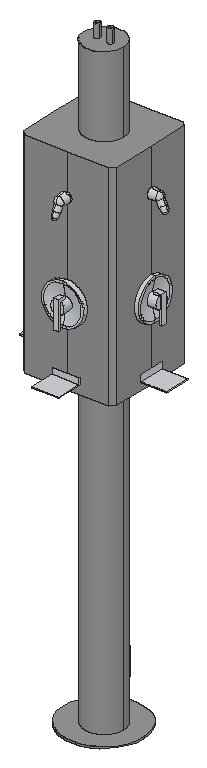
Revit family "Column_Shower-Willoughby-CWCSY-4", category Plumbing Fixtures, Revit 2015
Parameters (values of type "Standard")
  water line = Copper
  Waste Connection = no
  Vent Connection = no
  URL = "https://www.willoughby-ind.com/wp-content/uploads/2018/01/CWCSY.pdf"
  Revision = "A"
  Model = "CWCSY-4"
  Manufacturer = "Willoughby Industries"
  HW Connection = yes
  HCW DIA = 3/4"
  Fixture Body = Stainless Steel AISI 304-Willoughby
  Description = "4 Station Column Shower"
  Default Elevation = 0' - 0"
  Contact = "(800) 428-4065"
  CW Connection = yes
Reference planes (in)
  plane 1 "Center (Front/Back)": y = 0
  plane 2: z = 0
  plane 3 "Center (Left/Right)": x = 0
  plane 4 "Top Mounting Tube HGT": z = 92
  plane 5 "Shower Head HGT": z = 72
  plane 6 "Valve HGT": z = 60
  plane 7 "Soap dish HGT": z = 42
  plane 8 "Access": z = 6
  plane 9: x = -2
  plane 10: x = 2
  plane 11: x = -7.9375
  plane 12: x = 7.9375
  plane 13: through (0, 0, 48) normal (-0.866, -0.5, 0)
  plane 14: x = 1
  plane 15: x = -1
Forms (in)
  Extrusion 1, solid, material "Stainless Steel AISI 304-Willoughby" <- "Fixture Body", detail levels fine
    sketch origin (0, 0, 0) x (1, 0, 0) y (0, 1, 0)
      loop
        circle (0, 0) r 6
    from 0 to 0.25
  Extrusion 2, solid, material "Stainless Steel AISI 304-Willoughby" <- "Fixture Body"
    sketch origin (0, 0, 0) x (1, 0, 0) y (0, 1, 0)
      loop
        circle (0, 0) r 3
    from 0 to 92
  Extrusion 3, solid, material "Stainless Steel AISI 304-Willoughby" <- "Fixture Body", detail levels fine
    sketch origin (0, 0, 6) x (1, 0, 0) y (0, 1, 0)
      loop
        line (2, 2.23607) -> (2.07433, 2.3104)
        arc (2.07433, 2.3104) -> (0, 3.10614) -> (-2.07433, 2.3104) r 3.10151
        line (-2.07433, 2.3104) -> (-2, 2.23607)
        arc (-2, 2.23607) -> (0, 3.03719) -> (2, 2.23607) r 2.89705
    from 0 to 4
  Extrusion 4, solid, material "Stainless Steel AISI 304-Willoughby" <- "Fixture Body"
    sketch origin (0, 0, 0) x (1, 0, 0) y (0, 1, 0)
      loop
        line (0, -7) -> (6.29289, -7) -> (7, -6.29289) -> (7, 0) -> (7, 6.29289) -> (6.29289, 7) -> (0, 7) -> (-6.29289, 7) -> (-7, 6.29289) -> (-7, 0) -> (-7, -6.29289) -> (-6.29289, -7) -> (0, -7)
    from 48 to 80
  Revolve 5, solid, material "Copper" <- "water line", detail levels fine
    sketch origin (0, 0, 0) x (1, 0, 0) y (0, 0, 1)
      loop
        line (1, 92) -> (1, 94) -> (0.625, 94) -> (0.625, 92) -> (1, 92)
      axis (1, 94) -> (1, 92)
    angle from 0 to 360
  Revolve 6, solid, material "Copper" <- "water line", detail levels fine
    sketch origin (0, 0, 0) x (1, 0, 0) y (0, 0, 1)
      loop
        line (-1, 92) -> (-1, 94) -> (-1.375, 94) -> (-1.375, 92) -> (-1, 92)
      axis (-1, 94) -> (-1, 92)
    angle from 0 to 360
  Revolve 7, solid
    sketch origin (-0.8125, 0, 0) x (1, 0, 0) y (0, 0, 1)
      loop
        line (7.8125, 73.875) -> (9.6875, 73.875)
        arc (9.6875, 73.875) -> (9.56694, 74.29105) -> (9.1875, 74.5) r 0.56596
        line (9.1875, 74.5) -> (8.0625, 74.625) -> (7.8125, 74.625) -> (7.8125, 73.875)
      axis (7.8125, 73.875) -> (9.6875, 73.875)
    angle from 0 to 360
  Revolve 8, solid
    sketch origin (-0.8125, 0, 0) x (1, 0, 0) y (0, 0, 1)
      loop
        line (9.1875, 73.625) -> (8.75449, 73.375) -> (9.25449, 72.50897) -> (9.73774, 71.92196)
        arc (9.73774, 71.92196) -> (9.95634, 71.81003) -> (10.1875, 71.89295) r 0.30889
        line (10.1875, 71.89295) -> (9.1875, 73.625)
      axis (9.1875, 73.625) -> (10.1875, 71.89295)
    angle from 0 to 360
  Extrusion 9, solid
    sketch origin (-0.8125, 0, 0) x (1, 0, 0) y (0, 0, 1)
      loop
        line (7.8125, 49.25) -> (11.8125, 49.25) -> (11.8125, 49.37) -> (7.9325, 49.37) -> (7.9325, 50.25) -> (7.8125, 50.25) -> (7.8125, 49.25)
    from -2 to 2
  Revolve 10, solid
    sketch origin (-0.8125, 0, 0) x (1, 0, 0) y (0, 0, 1)
      loop
        line (7.8125, 59.75) -> (9.4925, 59.75) -> (9.4925, 60.75) -> (8.08528, 60.75)
        arc (8.08528, 60.75) -> (8.27532, 61.66598) -> (8.5425, 62.5625) r 11
        line (8.5425, 62.5625) -> (8.5425, 62.875) -> (7.8125, 62.875) -> (7.8125, 59.75)
      axis (7.8125, 59.75) -> (9.4925, 59.75)
    angle from 0 to 360
  Extrusion 11, solid
    sketch origin (-0.8125, 0, 0) x (1, 0, 0) y (0, 0, 1)
      loop
        line (9.4925, 56.75) -> (9.805, 56.75) -> (9.805, 61) -> (8.6175, 61) -> (8.6175, 60.5) -> (9.4925, 60.5) -> (9.4925, 56.75)
    from -0.375 to 0.375
  Revolve 12, solid, not visible
    sketch origin (-0.8125, 0, 0) x (1, 0, 0) y (0, 0, 1)
      loop
        line (7.8125, 73.875) -> (9.6875, 73.875)
        arc (9.6875, 73.875) -> (9.56694, 74.29105) -> (9.1875, 74.5) r 0.56596
        line (9.1875, 74.5) -> (8.0625, 74.625) -> (7.8125, 74.625) -> (7.8125, 73.875)
      axis (7.8125, 73.875) -> (9.6875, 73.875)
    angle from 0 to 360
  Revolve 13, solid, not visible
    sketch origin (-0.8125, 0, 0) x (1, 0, 0) y (0, 0, 1)
      loop
        line (9.1875, 73.625) -> (8.75449, 73.375) -> (9.25449, 72.50897) -> (9.73774, 71.92196)
        arc (9.73774, 71.92196) -> (9.95634, 71.81003) -> (10.1875, 71.89295) r 0.30889
        line (10.1875, 71.89295) -> (9.1875, 73.625)
      axis (9.1875, 73.625) -> (10.1875, 71.89295)
    angle from 0 to 360
  Extrusion 14, solid, not visible
    sketch origin (-0.8125, 0, 0) x (1, 0, 0) y (0, 0, 1)
      loop
        line (7.8125, 49.25) -> (11.8125, 49.25) -> (11.8125, 49.37) -> (7.9325, 49.37) -> (7.9325, 50.25) -> (7.8125, 50.25) -> (7.8125, 49.25)
    from -2 to 2
  Revolve 15, solid, not visible
    sketch origin (-0.8125, 0, 0) x (1, 0, 0) y (0, 0, 1)
      loop
        line (7.8125, 59.75) -> (9.4925, 59.75) -> (9.4925, 60.75) -> (8.08528, 60.75)
        arc (8.08528, 60.75) -> (8.27532, 61.66598) -> (8.5425, 62.5625) r 11
        line (8.5425, 62.5625) -> (8.5425, 62.875) -> (7.8125, 62.875) -> (7.8125, 59.75)
      axis (7.8125, 59.75) -> (9.4925, 59.75)
    angle from 0 to 360
  Extrusion 16, solid, not visible
    sketch origin (-0.8125, 0, 0) x (1, 0, 0) y (0, 0, 1)
      loop
        line (9.4925, 56.75) -> (9.805, 56.75) -> (9.805, 61) -> (8.6175, 61) -> (8.6175, 60.5) -> (9.4925, 60.5) -> (9.4925, 56.75)
    from -0.375 to 0.375
  Revolve 17, solid
    sketch origin (0, 0.8125, 0) x (0, -1, 0) y (0, 0, 1)
      loop
        line (7.8125, 73.875) -> (9.6875, 73.875)
        arc (9.6875, 73.875) -> (9.56694, 74.29105) -> (9.1875, 74.5) r 0.56596
        line (9.1875, 74.5) -> (8.0625, 74.625) -> (7.8125, 74.625) -> (7.8125, 73.875)
      axis (7.8125, 73.875) -> (9.6875, 73.875)
    angle from 0 to 360
  Revolve 18, solid
    sketch origin (0, 0.8125, 0) x (0, -1, 0) y (0, 0, 1)
      loop
        line (9.1875, 73.625) -> (8.75449, 73.375) -> (9.25449, 72.50897) -> (9.73774, 71.92196)
        arc (9.73774, 71.92196) -> (9.95634, 71.81003) -> (10.1875, 71.89295) r 0.30889
        line (10.1875, 71.89295) -> (9.1875, 73.625)
      axis (9.1875, 73.625) -> (10.1875, 71.89295)
    angle from 0 to 360
  Extrusion 19, solid
    sketch origin (0, 0.8125, 0) x (0, -1, 0) y (0, 0, 1)
      loop
        line (7.8125, 49.25) -> (11.8125, 49.25) -> (11.8125, 49.37) -> (7.9325, 49.37) -> (7.9325, 50.25) -> (7.8125, 50.25) -> (7.8125, 49.25)
    from -2 to 2
  Revolve 20, solid
    sketch origin (0, 0.8125, 0) x (0, -1, 0) y (0, 0, 1)
      loop
        line (7.8125, 59.75) -> (9.4925, 59.75) -> (9.4925, 60.75) -> (8.08528, 60.75)
        arc (8.08528, 60.75) -> (8.27532, 61.66598) -> (8.5425, 62.5625) r 11
        line (8.5425, 62.5625) -> (8.5425, 62.875) -> (7.8125, 62.875) -> (7.8125, 59.75)
      axis (7.8125, 59.75) -> (9.4925, 59.75)
    angle from 0 to 360
  Extrusion 21, solid
    sketch origin (0, 0.8125, 0) x (0, -1, 0) y (0, 0, 1)
      loop
        line (9.4925, 56.75) -> (9.805, 56.75) -> (9.805, 61) -> (8.6175, 61) -> (8.6175, 60.5) -> (9.4925, 60.5) -> (9.4925, 56.75)
    from -0.375 to 0.375
  Revolve 22, solid
    sketch origin (0.8125, 0, 0) x (-1, 0, 0) y (0, 0, 1)
      loop
        line (7.8125, 73.875) -> (9.6875, 73.875)
        arc (9.6875, 73.875) -> (9.56694, 74.29105) -> (9.1875, 74.5) r 0.56596
        line (9.1875, 74.5) -> (8.0625, 74.625) -> (7.8125, 74.625) -> (7.8125, 73.875)
      axis (7.8125, 73.875) -> (9.6875, 73.875)
    angle from 0 to 360
  Revolve 23, solid
    sketch origin (0.8125, 0, 0) x (-1, 0, 0) y (0, 0, 1)
      loop
        line (9.1875, 73.625) -> (8.75449, 73.375) -> (9.25449, 72.50897) -> (9.73774, 71.92196)
        arc (9.73774, 71.92196) -> (9.95634, 71.81003) -> (10.1875, 71.89295) r 0.30889
        line (10.1875, 71.89295) -> (9.1875, 73.625)
      axis (9.1875, 73.625) -> (10.1875, 71.89295)
    angle from 0 to 360
  Extrusion 24, solid
    sketch origin (0.8125, 0, 0) x (-1, 0, 0) y (0, 0, 1)
      loop
        line (7.8125, 49.25) -> (11.8125, 49.25) -> (11.8125, 49.37) -> (7.9325, 49.37) -> (7.9325, 50.25) -> (7.8125, 50.25) -> (7.8125, 49.25)
    from -2 to 2
  Revolve 25, solid
    sketch origin (0.8125, 0, 0) x (-1, 0, 0) y (0, 0, 1)
      loop
        line (7.8125, 59.75) -> (9.4925, 59.75) -> (9.4925, 60.75) -> (8.08528, 60.75)
        arc (8.08528, 60.75) -> (8.27532, 61.66598) -> (8.5425, 62.5625) r 11
        line (8.5425, 62.5625) -> (8.5425, 62.875) -> (7.8125, 62.875) -> (7.8125, 59.75)
      axis (7.8125, 59.75) -> (9.4925, 59.75)
    angle from 0 to 360
  Extrusion 26, solid
    sketch origin (0.8125, 0, 0) x (-1, 0, 0) y (0, 0, 1)
      loop
        line (9.4925, 56.75) -> (9.805, 56.75) -> (9.805, 61) -> (8.6175, 61) -> (8.6175, 60.5) -> (9.4925, 60.5) -> (9.4925, 56.75)
    from -0.375 to 0.375
  Revolve 27, solid
    sketch origin (0, -0.8125, 0) x (0, 1, 0) y (0, 0, 1)
      loop
        line (7.8125, 73.875) -> (9.6875, 73.875)
        arc (9.6875, 73.875) -> (9.56694, 74.29105) -> (9.1875, 74.5) r 0.56596
        line (9.1875, 74.5) -> (8.0625, 74.625) -> (7.8125, 74.625) -> (7.8125, 73.875)
      axis (7.8125, 73.875) -> (9.6875, 73.875)
    angle from 0 to 360
  Revolve 28, solid
    sketch origin (0, -0.8125, 0) x (0, 1, 0) y (0, 0, 1)
      loop
        line (9.1875, 73.625) -> (8.75449, 73.375) -> (9.25449, 72.50897) -> (9.73774, 71.92196)
        arc (9.73774, 71.92196) -> (9.95634, 71.81003) -> (10.1875, 71.89295) r 0.30889
        line (10.1875, 71.89295) -> (9.1875, 73.625)
      axis (9.1875, 73.625) -> (10.1875, 71.89295)
    angle from 0 to 360
  Extrusion 29, solid
    sketch origin (0, -0.8125, 0) x (0, 1, 0) y (0, 0, 1)
      loop
        line (7.8125, 49.25) -> (11.8125, 49.25) -> (11.8125, 49.37) -> (7.9325, 49.37) -> (7.9325, 50.25) -> (7.8125, 50.25) -> (7.8125, 49.25)
    from -2 to 2
  Revolve 30, solid
    sketch origin (0, -0.8125, 0) x (0, 1, 0) y (0, 0, 1)
      loop
        line (7.8125, 59.75) -> (9.4925, 59.75) -> (9.4925, 60.75) -> (8.08528, 60.75)
        arc (8.08528, 60.75) -> (8.27532, 61.66598) -> (8.5425, 62.5625) r 11
        line (8.5425, 62.5625) -> (8.5425, 62.875) -> (7.8125, 62.875) -> (7.8125, 59.75)
      axis (7.8125, 59.75) -> (9.4925, 59.75)
    angle from 0 to 360
  Extrusion 31, solid
    sketch origin (0, -0.8125, 0) x (0, 1, 0) y (0, 0, 1)
      loop
        line (9.4925, 56.75) -> (9.805, 56.75) -> (9.805, 61) -> (8.6175, 61) -> (8.6175, 60.5) -> (9.4925, 60.5) -> (9.4925, 56.75)
    from -0.375 to 0.375
Lines and regions (in)
  symbolic lines
    curve 1: line (3, 0, 0) -> (3, 0, 91.75)
    curve 2: line (-3, 0, 91.75) -> (-3, 0, 0)
    curve 3: line (-3, 0, 0) -> (3, 0, 0)
    curve 4: line (-3, 0, 0) -> (-4, 0, 0)
    curve 5: line (-4, 0, 0) -> (-4, 0, -0.25)
    curve 6: line (-4, 0, -0.25) -> (4, 0, -0.25)
    curve 7: line (4, 0, -0.25) -> (4, 0, 0)
    curve 8: line (0, -3, 0) -> (0, -3, 90)
    curve 9: line (0, 3, 90) -> (0, 3, 0)
    curve 10: line (0, 7, 0) -> (0, -7, 0)
    curve 11: line (0, -7, 0) -> (0, -7, -0.25)
    curve 12: line (0, -7, -0.25) -> (0, 7, -0.25)
    curve 13: line (0, 7, -0.25) -> (0, 7, 0)
    curve 14: circle (0, 0, 92) r 3 normal (0, 0, 1)
    curve 15: line (3, 0, 0) -> (4, 0, 0)
    curve 16: line (7.9375, 4, 0) -> (7.9375, -4, 0)
    curve 23: circle (0, 0, 0) r 3 normal (0, 0, 1)
    curve 24: line (7.9375, 0, 48) -> (7.9375, 0, 80)
    curve 25: line (7.9375, 0, 80) -> (-7.9375, 0, 80)
    curve 26: line (-7.9375, 0, 80) -> (-7.9375, 0, 48)
    curve 27: line (-7.9375, 0, 48) -> (8.3125, 0, 48)
    curve 28: line (7.43285, 0, 48) -> (7.43285, 0, 80)
    curve 29: line (0.50465, 0, 48) -> (0.50465, 0, 80)
    curve 30: line (-0.50465, 0, 80) -> (-0.50465, 0, 48)
    curve 31: line (-7.43285, 0, 48) -> (-7.43285, 0, 80)
    curve 33: line (8.36057, 0, 73.66229) -> (8.31197, 0, 73.71088)
    curve 54: line (-3.96875, 0, 73.61877) -> (-3.90178, 0, 73.79323)
    curve 55: line (-4.95632, 0, 73.97917) -> (-4.92805, 0, 74.13951)
    curve 56: spline (-4.92805, 0, 74.13951) -> (-4.88648, 0, 74.205) -> (-4.81277, 0, 74.25423) -> (-4.71195, 0, 74.28383) -> (-4.59088, 0, 74.29181) -> (-4.45783, 0, 74.2776) -> (-4.32185, 0, 74.24219) -> (-4.19221, 0, 74.18797) -> (-4.07775, 0, 74.11866) -> (-3.98627, 0, 74.03897) -> (-3.92399, 0, 73.95433) -> (-3.89518, 0, 73.87051) -> (-3.90178, 0, 73.79323)
    curve 61: spline (-3.90178, 0, 73.79323) -> (-3.89518, 0, 73.87051) -> (-3.92399, 0, 73.95433) -> (-3.98627, 0, 74.03897) -> (-4.07775, 0, 74.11866) -> (-4.19221, 0, 74.18797) -> (-4.32185, 0, 74.24219) -> (-4.45783, 0, 74.2776) -> (-4.59088, 0, 74.29181) -> (-4.71195, 0, 74.28383) -> (-4.81277, 0, 74.25423) -> (-4.88648, 0, 74.205) -> (-4.92805, 0, 74.13951)
    curve 67: line (-8.3115, 0, 73.71061) -> (-9.26816, 0, 74.26503)
    curve 75: line (8.46783, 0, 62.46967) -> (7.9375, 0, 63)
    curve 85: line (9.4375, 0, 56.75) -> (9.4375, 0, 58.75)
    curve 90: line (4.64399, 0, 56.75) -> (4.39399, 0, 56.75)
    curve 104: line (-4.39399, 0, 61.25) -> (-5.29351, 0, 61.25)
    curve 111: line (-7.9375, 0, 63) -> (-8.46783, 0, 62.46967)
    curve 112: line (-8.46783, 0, 62.46967) -> (-8.46783, 0, 57.53033)
    curve 113: line (-8.46783, 0, 57.53033) -> (-7.9375, 0, 57)
    curve 114: line (-8.46783, 0, 61.25) -> (-9.9375, 0, 61.25)
    curve 115: line (-9.9375, 0, 61.25) -> (-9.9375, 0, 56.75)
    curve 116: line (-9.9375, 0, 56.75) -> (-9.4375, 0, 56.75)
    curve 117: line (-9.4375, 0, 56.75) -> (-9.4375, 0, 61.25)
    curve 118: line (-9.4375, 0, 58.75) -> (-8.46783, 0, 58.75)
    curve 119: line (-8.46783, 0, 62.46967) -> (-8.46783, 0, 61.25)
    curve 120: line (0, 8.87408, 80) -> (0, -8.87408, 80)
    curve 121: line (0, -8.87408, 80) -> (0, -8.87408, 48)
    curve 122: line (0, -8.87408, 48) -> (0, 8.87408, 48)
    curve 123: line (0, 8.87408, 48) -> (0, 8.87408, 80)
    curve 124: line (0, 4.87408, 80) -> (0, 4.87408, 48)
    curve 125: line (0, 4, 48) -> (0, 4, 80)
    curve 126: line (0, -4.36943, 80) -> (0, -4.36943, 48)
    curve 127: line (0, -4.87408, 48) -> (0, -4.87408, 80)
    curve 132: arc (0, -0.56081, 73.98177) -> (0, -0.54398, 74.03846) -> (0, -0.51433, 74.08962) r 0.25036
    curve 149: line (0, -8.0385, 72.27148) -> (0, -7.11978, 73.74175)
    curve 198: line (0, -3, 92) -> (0, 3, 92)
    curve 199: line (0, 0.375, 94) -> (0, 0.375, 92)
    curve 200: line (0, -0.375, 94) -> (0, 0.375, 94)
    curve 201: line (0, -0.375, 94) -> (0, -0.375, 92)
    curve 208: line (4, -7.9375, 0) -> (-4, -7.9375, 0)
    curve 215: line (-7.9375, -4, 0) -> (-7.9375, 4, 0)
    curve 222: line (-4, 7.9375, 0) -> (4, 7.9375, 0)
  symbolic lines, detail levels fine
    curve 17: line (8.625, -1.25, 0) -> (7.65533, -1.25, 0)
    curve 18: line (8.625, 1.25, 0) -> (7.65533, 1.25, 0)
    curve 19: line (8.625, 1.25, 0) -> (8.625, -1.25, 0)
    curve 20: line (9.125, 0.375, 0) -> (8.625, 0.375, 0)
    curve 21: line (9.125, 0.375, 0) -> (9.125, -0.375, 0)
    curve 22: line (9.125, -0.375, 0) -> (8.625, -0.375, 0)
    curve 32: line (7.9375, 0, 73.61034) -> (8.36057, 0, 73.66229)
    curve 34: line (8.31197, 0, 73.71088) -> (9.34944, 0, 72.23861)
    curve 35: arc (9.34944, 0, 72.23861) -> (9.90023, 0, 72.07183) -> (10.02935, 0, 72.63265) r 0.39382
    curve 36: line (10.02935, 0, 72.63265) -> (9.38778, 0, 74.00851)
    curve 37: arc (9.38778, 0, 74.00851) -> (9.40822, 0, 74.44161) -> (9.133, 0, 74.77664) r 0.60351
    curve 38: line (9.133, 0, 74.77664) -> (7.9375, 0, 74.88123)
    curve 39: line (8.31197, 0, 73.71088) -> (9.26816, 0, 74.26503)
    curve 40: line (9.26816, 0, 74.26503) -> (9.38778, 0, 74.00851)
    curve 41: line (9.34944, 0, 72.23861) -> (8.31197, 0, 73.71088)
    curve 42: line (3.96875, 0, 73.61877) -> (4.46635, 0, 72.32247)
    curve 43: line (4.9522, 0, 73.99137) -> (5.2249, 0, 72.54154)
    curve 44: arc (5.2249, 0, 72.54154) -> (4.96293, 0, 72.02583) -> (4.46635, 0, 72.32247) r 0.3957
    curve 45: spline (3.95552, 0, 73.61369) -> (3.8169, 0, 73.6353) -> (3.68773, 0, 73.69866) -> (3.57681, 0, 73.79945) -> (3.49169, 0, 73.9308) -> (3.43819, 0, 74.08376) -> (3.41994, 0, 74.24791) -> (3.43819, 0, 74.41206) -> (3.49169, 0, 74.56502) -> (3.57681, 0, 74.69638) -> (3.68773, 0, 74.79717) -> (3.8169, 0, 74.86052) -> (3.95552, 0, 74.88214)
    curve 46: line (3.96875, 0, 74.88123) -> (4.63496, 0, 74.77099)
    curve 47: arc (4.63496, 0, 74.77099) -> (4.98675, 0, 74.44826) -> (4.94127, 0, 73.97303) r 0.53559
    curve 48: spline (4.93355, 0, 74.10241) -> (4.89669, 0, 74.1677) -> (4.82619, 0, 74.21885) -> (4.72687, 0, 74.25238) -> (4.60548, 0, 74.26601) -> (4.47031, 0, 74.2588) -> (4.33056, 0, 74.23125) -> (4.19576, 0, 74.18523) -> (4.0751, 0, 74.12389) -> (3.97679, 0, 74.0514) -> (3.90753, 0, 73.9727) -> (3.87206, 0, 73.89315) -> (3.87278, 0, 73.81818)
    curve 49: line (3.87278, 0, 73.81818) -> (3.96875, 0, 73.61877)
    curve 50: line (4.93355, 0, 74.10241) -> (4.95728, 0, 73.97624)
    curve 51: line (-4.95632, 0, 73.97917) -> (-5.2168, 0, 72.50196)
    curve 52: line (-3.96875, 0, 73.61877) -> (-4.47409, 0, 72.30231)
    curve 53: arc (-4.47409, 0, 72.30231) -> (-4.95048, 0, 72.01139) -> (-5.2168, 0, 72.50196) r 0.38503
    curve 57: arc (-3.96875, 0, 73.61877) -> (-3.40713, 0, 74.28457) -> (-4.05595, 0, 74.86572) r 0.62528
    curve 58: line (-4.05595, 0, 74.86572) -> (-4.5665, 0, 74.77664)
    curve 59: arc (-4.5665, 0, 74.77664) -> (-4.96481, 0, 74.47733) -> (-4.95632, 0, 73.97917) r 0.54824
    curve 60: arc (-4.5665, 0, 74.77664) -> (-4.21373, 0, 74.56609) -> (-4.11316, 0, 74.16776) r 0.53677
    curve 62: line (-7.9375, 0, 74.88182) -> (-9.133, 0, 74.77664)
    curve 63: arc (-9.133, 0, 74.77664) -> (-9.40713, 0, 74.44116) -> (-9.38785, 0, 74.00836) r 0.60717
    curve 64: line (-9.26816, 0, 74.26503) -> (-10.02935, 0, 72.63265)
    curve 65: arc (-10.02935, 0, 72.63265) -> (-9.91054, 0, 72.05405) -> (-9.34944, 0, 72.23861) r 0.39555
    curve 66: line (-9.34944, 0, 72.23861) -> (-8.3115, 0, 73.71061)
    curve 69: line (-1.375, 0, 92) -> (-1.375, 0, 94)
    curve 70: line (-1.375, 0, 94) -> (-0.625, 0, 94)
    curve 71: line (-0.625, 0, 94) -> (-0.625, 0, 92)
    curve 72: line (0.625, 0, 92) -> (0.625, 0, 94)
    curve 73: line (0.625, 0, 94) -> (1.375, 0, 94)
    curve 74: line (1.375, 0, 94) -> (1.375, 0, 92)
    curve 76: line (8.46783, 0, 62.46967) -> (7.9375, 0, 63)
    curve 77: line (8.46783, 0, 62.46967) -> (8.46783, 0, 57.53033)
    curve 78: line (8.46783, 0, 57.53033) -> (7.9375, 0, 57)
    curve 79: line (8.46783, 0, 58.75) -> (9.4375, 0, 58.75)
    curve 80: line (9.4375, 0, 58.75) -> (9.4375, 0, 61.25)
    curve 81: line (9.4375, 0, 61.25) -> (8.46783, 0, 61.25)
    curve 82: line (9.4375, 0, 61.25) -> (9.9375, 0, 61.25)
    curve 83: line (9.9375, 0, 61.25) -> (9.9375, 0, 56.75)
    curve 84: line (9.9375, 0, 56.75) -> (9.4375, 0, 56.75)
    curve 86: line (4.64399, 0, 61.25) -> (5.29351, 0, 61.25)
    curve 87: line (5.29351, 0, 61.25) -> (5.29351, 0, 56.75)
    curve 88: line (5.29351, 0, 56.75) -> (4.64399, 0, 56.75)
    curve 89: line (4.64399, 0, 56.75) -> (4.64399, 0, 61.25)
    curve 91: line (4.39399, 0, 56.75) -> (4.39399, 0, 61.25)
    curve 92: arc (5.29351, 0, 61) -> (5.81877, 0, 60) -> (5.29351, 0, 59) r 1.21454
    curve 93: spline (4.39399, 0, 61.25) -> (4.07047, 0, 61.20741) -> (3.76899, 0, 61.08253) -> (3.51011, 0, 60.88388) -> (3.31146, 0, 60.625) -> (3.18658, 0, 60.32352) -> (3.14399, 0, 60) -> (3.18658, 0, 59.67648) -> (3.31146, 0, 59.375) -> (3.51011, 0, 59.11612) -> (3.76899, 0, 58.91747) -> (4.07047, 0, 58.79259) -> (4.39399, 0, 58.75)
    curve 94: spline (4.39399, 0, 58.81402) -> (4.19988, 0, 58.85445) -> (4.01899, 0, 58.97298) -> (3.86366, 0, 59.16154) -> (3.74447, 0, 59.40728) -> (3.66955, 0, 59.69344) -> (3.64399, 0, 60.00053) -> (3.66955, 0, 60.30762) -> (3.74447, 0, 60.59379) -> (3.86366, 0, 60.83952) -> (4.01899, 0, 61.02808) -> (4.19988, 0, 61.14662) -> (4.39399, 0, 61.18704)
    curve 95: spline (4.23392, 0, 62.46967) -> (3.67586, 0, 62.38552) -> (3.15584, 0, 62.1388) -> (2.70928, 0, 61.74632) -> (2.36663, 0, 61.23483) -> (2.15123, 0, 60.6392) -> (2.07776, 0, 60) -> (2.15123, 0, 59.3608) -> (2.36663, 0, 58.76517) -> (2.70928, 0, 58.25368) -> (3.15584, 0, 57.8612) -> (3.67586, 0, 57.61448) -> (4.23392, 0, 57.53033)
    curve 96: spline (4.23392, 0, 57.53033) -> (4.78826, 0, 57.61448) -> (5.30483, 0, 57.8612) -> (5.74841, 0, 58.25368) -> (6.08879, 0, 58.76517) -> (6.30276, 0, 59.3608) -> (6.37574, 0, 60) -> (6.30276, 0, 60.6392) -> (6.08879, 0, 61.23483) -> (5.74841, 0, 61.74632) -> (5.30483, 0, 62.1388) -> (4.78826, 0, 62.38552) -> (4.23392, 0, 62.46967)
    curve 97: spline (3.96875, 0, 63) -> (3.29526, 0, 62.89778) -> (2.66766, 0, 62.59808) -> (2.12874, 0, 62.12132) -> (1.7152, 0, 61.5) -> (1.45525, 0, 60.77646) -> (1.36658, 0, 60) -> (1.45525, 0, 59.22354) -> (1.7152, 0, 58.5) -> (2.12874, 0, 57.87868) -> (2.66766, 0, 57.40192) -> (3.29526, 0, 57.10222) -> (3.96875, 0, 57)
    curve 98: spline (3.96875, 0, 57) -> (4.64775, 0, 57.10222) -> (5.28047, 0, 57.40192) -> (5.8238, 0, 57.87868) -> (6.24071, 0, 58.5) -> (6.50279, 0, 59.22354) -> (6.59219, 0, 60) -> (6.50279, 0, 60.77646) -> (6.24071, 0, 61.5) -> (5.8238, 0, 62.12132) -> (5.28047, 0, 62.59808) -> (4.64775, 0, 62.89778) -> (3.96875, 0, 63)
    curve 99: spline (-3.96875, 0, 63) -> (-4.6392, 0, 62.89778) -> (-5.26395, 0, 62.59808) -> (-5.80044, 0, 62.12132) -> (-6.2121, 0, 61.5) -> (-6.47089, 0, 60.77646) -> (-6.55915, 0, 60) -> (-6.47089, 0, 59.22354) -> (-6.2121, 0, 58.5) -> (-5.80044, 0, 57.87868) -> (-5.26395, 0, 57.40192) -> (-4.6392, 0, 57.10222) -> (-3.96875, 0, 57)
    curve 100: spline (-3.96875, 0, 57) -> (-3.29858, 0, 57.10222) -> (-2.67408, 0, 57.40192) -> (-2.13781, 0, 57.87868) -> (-1.72632, 0, 58.5) -> (-1.46764, 0, 59.22354) -> (-1.37941, 0, 60) -> (-1.46764, 0, 60.77646) -> (-1.72632, 0, 61.5) -> (-2.13781, 0, 62.12132) -> (-2.67408, 0, 62.59808) -> (-3.29858, 0, 62.89778) -> (-3.96875, 0, 63)
    curve 101: spline (-4.23392, 0, 61.25) -> (-3.94915, 0, 61.20741) -> (-3.68378, 0, 61.08253) -> (-3.45591, 0, 60.88388) -> (-3.28106, 0, 60.625) -> (-3.17114, 0, 60.32352) -> (-3.13365, 0, 60) -> (-3.17114, 0, 59.67648) -> (-3.28106, 0, 59.375) -> (-3.45591, 0, 59.11612) -> (-3.68378, 0, 58.91747) -> (-3.94915, 0, 58.79259) -> (-4.23392, 0, 58.75)
    curve 102: spline (-4.39399, 0, 61.25) -> (-4.19988, 0, 61.20834) -> (-4.01899, 0, 61.08619) -> (-3.86366, 0, 60.89189) -> (-3.74447, 0, 60.63867) -> (-3.66955, 0, 60.34379) -> (-3.64399, 0, 60.02734) -> (-3.66955, 0, 59.71089) -> (-3.74447, 0, 59.41601) -> (-3.86366, 0, 59.16279) -> (-4.01899, 0, 58.96849) -> (-4.19988, 0, 58.84634) -> (-4.39399, 0, 58.80468)
    curve 103: spline (-5.29351, 0, 61.05399) -> (-5.42292, 0, 61.01786) -> (-5.54351, 0, 60.9119) -> (-5.64706, 0, 60.74335) -> (-5.72652, 0, 60.5237) -> (-5.77647, 0, 60.2679) -> (-5.79351, 0, 59.9934) -> (-5.77647, 0, 59.7189) -> (-5.72652, 0, 59.4631) -> (-5.64706, 0, 59.24345) -> (-5.54351, 0, 59.0749) -> (-5.42292, 0, 58.96894) -> (-5.29351, 0, 58.93281)
    curve 105: line (-5.29351, 0, 61.25) -> (-5.29351, 0, 56.75)
    curve 106: line (-5.29351, 0, 56.75) -> (-4.39399, 0, 56.75)
    curve 107: line (-4.39399, 0, 56.75) -> (-4.39399, 0, 61.25)
    curve 108: line (-4.64399, 0, 61.25) -> (-4.64399, 0, 56.75)
    curve 109: spline (-4.23392, 0, 62.46967) -> (-3.68541, 0, 62.38552) -> (-3.17429, 0, 62.1388) -> (-2.73538, 0, 61.74632) -> (-2.3986, 0, 61.23483) -> (-2.18688, 0, 60.6392) -> (-2.11467, 0, 60) -> (-2.18688, 0, 59.3608) -> (-2.3986, 0, 58.76517) -> (-2.73538, 0, 58.25368) -> (-3.17429, 0, 57.8612) -> (-3.68541, 0, 57.61448) -> (-4.23392, 0, 57.53033)
    curve 110: spline (-4.23392, 0, 57.53033) -> (-4.81626, 0, 57.61448) -> (-5.35892, 0, 57.8612) -> (-5.82491, 0, 58.25368) -> (-6.18247, 0, 58.76517) -> (-6.40725, 0, 59.3608) -> (-6.48392, 0, 60) -> (-6.40725, 0, 60.6392) -> (-6.18247, 0, 61.23483) -> (-5.82491, 0, 61.74632) -> (-5.35892, 0, 62.1388) -> (-4.81626, 0, 62.38552) -> (-4.23392, 0, 62.46967)
    curve 155: line (0, -7.98561, 61.25) -> (0, -8.79363, 61.25)
    curve 156: line (0, -8.79363, 61.25) -> (0, -8.79363, 56.75)
    curve 157: line (0, -7.98561, 56.75) -> (0, -7.98561, 61.25)
    curve 158: line (0, -8.41863, 61.25) -> (0, -8.41863, 56.75)
    curve 159: line (0, -7.98561, 58.75) -> (0, -7.33336, 58.75)
    curve 160: line (0, -7.98561, 61.25) -> (0, -7.33336, 61.25)
    curve 161: spline (0, -7.33336, 61.25) -> (0, -7.16974, 61.20741) -> (0, -7.01728, 61.08253) -> (0, -6.88636, 60.88388) -> (0, -6.7859, 60.625) -> (0, -6.72275, 60.32352) -> (0, -6.70121, 60) -> (0, -6.72275, 59.67648) -> (0, -6.7859, 59.375) -> (0, -6.88636, 59.11612) -> (0, -7.01728, 58.91747) -> (0, -7.16974, 58.79259) -> (0, -7.33336, 58.75)
    curve 162: spline (0, -7.33336, 62.46967) -> (0, -7.00983, 62.38552) -> (0, -6.70836, 62.1388) -> (0, -6.44947, 61.74632) -> (0, -6.25082, 61.23483) -> (0, -6.12595, 60.6392) -> (0, -6.08336, 60) -> (0, -6.12595, 59.3608) -> (0, -6.25082, 58.76517) -> (0, -6.44947, 58.25368) -> (0, -6.70836, 57.8612) -> (0, -7.00983, 57.61448) -> (0, -7.33336, 57.53033)
    curve 163: arc (0, -7.33336, 57.53033) -> (0, -7.70994, 57.63123) -> (0, -7.98561, 57.90691) r 0.75316
    curve 164: arc (0, -7.33336, 62.46967) -> (0, -8.05344, 62.01773) -> (0, -8.41863, 61.25) r 1.52149
    curve 165: line (0, -0.375, 61.25) -> (0, 0.375, 61.25)
    curve 166: line (0, 0.375, 61.25) -> (0, 0.375, 56.75)
    curve 167: line (0, 0.375, 56.75) -> (0, -0.375, 56.75)
    curve 168: line (0, -0.375, 56.75) -> (0, -0.375, 61.25)
    curve 169: arc (0, 0.375, 61.19401) -> (0, 1.25012, 60.00079) -> (0, 0.375, 58.80758) r 1.25103
    curve 170: arc (0, -0.375, 61.19242) -> (0, -1.25, 60) -> (0, -0.375, 58.80758) r 1.25
    curve 171: circle (0, 0, 60) r 2.46967 normal (1, 0, 0)
    curve 172: circle (0, 0, 60) r 3.02253 normal (1, 0, 0)
    curve 173: spline (0, -6.87408, 63) -> (0, -6.48585, 62.89778) -> (0, -6.12408, 62.59808) -> (0, -5.81342, 62.12132) -> (0, -5.57504, 61.5) -> (0, -5.42519, 60.77646) -> (0, -5.37408, 60) -> (0, -5.42519, 59.22354) -> (0, -5.57504, 58.5) -> (0, -5.81342, 57.87868) -> (0, -6.12408, 57.40192) -> (0, -6.48585, 57.10222) -> (0, -6.87408, 57)
    curve 174: arc (0, -6.87408, 57) -> (0, -7.26728, 57.0944) -> (0, -7.57477, 57.35702) r 0.86611
    curve 175: arc (0, -6.87408, 63) -> (0, -7.15896, 62.94692) -> (0, -7.40619, 62.79574) r 0.79918
    curve 176: arc (0, -7.40619, 62.79574) -> (0, -7.71666, 62.47485) -> (0, -7.97876, 62.11339) r 3.15766
    curve 177: arc (0, -7.98561, 61.17713) -> (0, -7.53676, 59.99215) -> (0, -7.98561, 58.80717) r 1.7886
    curve 178: line (0, 8.79363, 61.25) -> (0, 7.98561, 61.25)
    curve 179: line (0, 7.98561, 61.25) -> (0, 7.98561, 56.75)
    curve 180: line (0, 7.98561, 56.75) -> (0, 8.79363, 56.75)
    curve 181: line (0, 8.79363, 56.75) -> (0, 8.79363, 61.25)
    curve 182: line (0, 8.41863, 61.25) -> (0, 8.41863, 56.75)
    curve 183: line (0, 7.98561, 61.25) -> (0, 7.33336, 61.25)
    curve 184: spline (0, 7.33336, 61.25) -> (0, 7.16953, 61.20741) -> (0, 7.01686, 61.08253) -> (0, 6.88577, 60.88388) -> (0, 6.78517, 60.625) -> (0, 6.72194, 60.32352) -> (0, 6.70037, 60) -> (0, 6.72194, 59.67648) -> (0, 6.78517, 59.375) -> (0, 6.88577, 59.11612) -> (0, 7.01686, 58.91747) -> (0, 7.16953, 58.79259) -> (0, 7.33336, 58.75)
    curve 185: line (0, 7.33336, 58.75) -> (0, 7.98561, 58.75)
    curve 186: spline (0, 7.98561, 61.18269) -> (0, 7.87783, 61.14231) -> (0, 7.77739, 61.02393) -> (0, 7.69114, 60.83562) -> (0, 7.62495, 60.5902) -> (0, 7.58335, 60.30441) -> (0, 7.56916, 59.99771) -> (0, 7.58335, 59.69102) -> (0, 7.62495, 59.40522) -> (0, 7.69114, 59.1598) -> (0, 7.77739, 58.97149) -> (0, 7.87783, 58.85311) -> (0, 7.98561, 58.81273)
    curve 187: spline (0, 6.87408, 63) -> (0, 6.48585, 62.89778) -> (0, 6.12408, 62.59808) -> (0, 5.81342, 62.12132) -> (0, 5.57504, 61.5) -> (0, 5.42519, 60.77646) -> (0, 5.37408, 60) -> (0, 5.42519, 59.22354) -> (0, 5.57504, 58.5) -> (0, 5.81342, 57.87868) -> (0, 6.12408, 57.40192) -> (0, 6.48585, 57.10222) -> (0, 6.87408, 57)
    curve 188: spline (0, 7.33336, 57.53033) -> (0, 7.00983, 57.61448) -> (0, 6.70836, 57.8612) -> (0, 6.44947, 58.25368) -> (0, 6.25082, 58.76517) -> (0, 6.12595, 59.3608) -> (0, 6.08336, 60) -> (0, 6.12595, 60.6392) -> (0, 6.25082, 61.23483) -> (0, 6.44947, 61.74632) -> (0, 6.70836, 62.1388) -> (0, 7.00983, 62.38552) -> (0, 7.33336, 62.46967)
    curve 189: arc (0, 7.34213, 62.47394) -> (0, 7.71952, 62.34525) -> (0, 8.01011, 62.07223) r 0.94399
    curve 190: arc (0, 8.01011, 62.07223) -> (0, 8.23518, 61.67741) -> (0, 8.38962, 61.25) r 2.65552
    curve 191: arc (0, 7.33336, 57.53033) -> (0, 7.69712, 57.65343) -> (0, 7.98561, 57.90691) r 0.9796
    curve 192: arc (0, 6.87408, 57) -> (0, 7.18628, 57.06609) -> (0, 7.4507, 57.24476) r 0.83267
    curve 193: arc (0, 7.4507, 57.24476) -> (0, 7.60733, 57.38263) -> (0, 7.7452, 57.53926) r 1.6404
    curve 194: line (0, 7.7452, 57.53926) -> (0, 7.98752, 57.90565)
    curve 195: arc (0, 6.87408, 63) -> (0, 7.19639, 62.93023) -> (0, 7.47048, 62.74684) r 0.88109
    curve 196: arc (0, 7.47048, 62.74684) -> (0, 7.73729, 62.45185) -> (0, 7.96842, 62.12814) r 3.45492
    curve 209: line (-1.25, -8.625, 0) -> (-1.25, -7.65533, 0)
    curve 210: line (1.25, -8.625, 0) -> (1.25, -7.65533, 0)
    curve 211: line (1.25, -8.625, 0) -> (-1.25, -8.625, 0)
    curve 212: line (0.375, -9.125, 0) -> (0.375, -8.625, 0)
    curve 213: line (0.375, -9.125, 0) -> (-0.375, -9.125, 0)
    curve 214: line (-0.375, -9.125, 0) -> (-0.375, -8.625, 0)
    curve 216: line (-8.625, 1.25, 0) -> (-7.65533, 1.25, 0)
    curve 217: line (-8.625, -1.25, 0) -> (-7.65533, -1.25, 0)
    curve 218: line (-8.625, -1.25, 0) -> (-8.625, 1.25, 0)
    curve 219: line (-9.125, -0.375, 0) -> (-8.625, -0.375, 0)
    curve 220: line (-9.125, -0.375, 0) -> (-9.125, 0.375, 0)
    curve 221: line (-9.125, 0.375, 0) -> (-8.625, 0.375, 0)
    curve 223: line (1.25, 8.625, 0) -> (1.25, 7.65533, 0)
    curve 224: line (-1.25, 8.625, 0) -> (-1.25, 7.65533, 0)
    curve 225: line (-1.25, 8.625, 0) -> (1.25, 8.625, 0)
    curve 226: line (-0.375, 9.125, 0) -> (-0.375, 8.625, 0)
    curve 227: line (-0.375, 9.125, 0) -> (0.375, 9.125, 0)
    curve 228: line (0.375, 9.125, 0) -> (0.375, 8.625, 0)
  symbolic lines, detail levels coarse+fine
    curve 68: line (-8.35473, 0, 73.64931) -> (-7.9375, 0, 73.62013)
    curve 197: line (0, -8.79363, 56.75) -> (0, -7.98561, 56.75)
  symbolic lines, detail levels medium+fine
    curve 128: line (0, 0.56985, 73.98177) -> (0, 0.40311, 72.39536)
    curve 129: line (0, -0.53229, 73.9107) -> (0, -0.37302, 72.39536)
    curve 130: arc (0, 0.40311, 72.39536) -> (0, 0.01505, 72.0073) -> (0, -0.37302, 72.39536) r 0.38807
    curve 131: arc (0, 0.56985, 73.98177) -> (0, 0.00452, 74.88487) -> (0, -0.56081, 73.98177) r 0.6285
    curve 133: arc (0, 0.51356, 74.08962) -> (0, 0.55797, 74.04418) -> (0, 0.56985, 73.98177) r 0.11003
    curve 134: arc (0, 0.51356, 74.08962) -> (0, -0.00039, 74.7762) -> (0, -0.51433, 74.08962) r 0.53565
    curve 135: line (0, 6.87408, 74.88123) -> (0, 7.90941, 74.77664)
    curve 136: arc (0, 7.90941, 74.77664) -> (0, 8.21673, 74.45413) -> (0, 8.20415, 74.00883) r 0.57916
    curve 137: arc (0, 8.20415, 74.00883) -> (0, 8.47564, 73.28023) -> (0, 8.76141, 72.5571) r 39.54765
    curve 138: arc (0, 8.76141, 72.5571) -> (0, 8.546, 72.04649) -> (0, 8.03539, 72.26191) r 0.39187
    curve 139: arc (0, 8.03539, 72.26191) -> (0, 7.56685, 73.00091) -> (0, 7.10803, 73.74599) r 66.76917
    curve 140: arc (0, 7.10803, 73.74599) -> (0, 7.27765, 73.9473) -> (0, 7.50061, 74.08725) r 0.8523
    curve 141: line (0, 7.50061, 74.08725) -> (0, 7.68407, 73.98133)
    curve 142: arc (0, 7.68407, 73.98133) -> (0, 7.94349, 74.00666) -> (0, 8.20415, 74.00883) r 2.92823
    curve 143: line (0, 7.16602, 73.6506) -> (0, 6.87408, 73.61877)
    curve 144: spline (0, 6.87408, 73.61877) -> (0, 6.7921, 73.64028) -> (0, 6.71571, 73.70334) -> (0, 6.65011, 73.80365) -> (0, 6.59978, 73.93438) -> (0, 6.56813, 74.08662) -> (0, 6.55734, 74.25) -> (0, 6.56813, 74.41338) -> (0, 6.59978, 74.56562) -> (0, 6.65011, 74.69635) -> (0, 6.71571, 74.79666) -> (0, 6.7921, 74.85972) -> (0, 6.87408, 74.88123)
    curve 145: line (0, -6.87408, 74.88123) -> (0, -7.90941, 74.77664)
    curve 146: arc (0, -7.90941, 74.77664) -> (0, -8.22661, 74.45034) -> (0, -8.19336, 73.99649) r 0.55527
    curve 147: line (0, -8.19336, 73.99649) -> (0, -8.75527, 72.60571)
    curve 148: arc (0, -8.75527, 72.60571) -> (0, -8.57827, 72.04962) -> (0, -8.0385, 72.27148) r 0.39676
    curve 150: line (0, -7.17624, 73.6514) -> (0, -6.89832, 73.62219)
    curve 151: spline (0, -6.87408, 73.61877) -> (0, -6.79068, 73.64028) -> (0, -6.71297, 73.70334) -> (0, -6.64624, 73.80365) -> (0, -6.59503, 73.93438) -> (0, -6.56284, 74.08662) -> (0, -6.55186, 74.25) -> (0, -6.56284, 74.41338) -> (0, -6.59503, 74.56562) -> (0, -6.64624, 74.69635) -> (0, -6.71297, 74.79666) -> (0, -6.79068, 74.85972) -> (0, -6.87408, 74.88123)
    curve 152: arc (0, -7.5039, 74.08379) -> (0, -7.26411, 73.96637) -> (0, -7.11978, 73.74175) r 0.4966
    curve 153: line (0, -7.5039, 74.08379) -> (0, -7.68854, 73.97719)
    curve 154: arc (0, -7.68854, 73.97719) -> (0, -7.94041, 74.00096) -> (0, -8.19336, 73.99649) r 2.26377
  symbolic lines, not visible, detail levels fine
    curve 202: line (8.625, -1.25, 0) -> (7.65533, -1.25, 0)
    curve 203: line (8.625, 1.25, 0) -> (7.65533, 1.25, 0)
    curve 204: line (8.625, 1.25, 0) -> (8.625, -1.25, 0)
    curve 205: line (9.125, 0.375, 0) -> (8.625, 0.375, 0)
    curve 206: line (9.125, 0.375, 0) -> (9.125, -0.375, 0)
    curve 207: line (9.125, -0.375, 0) -> (8.625, -0.375, 0)
Dimensions and locks (in)
  plane 11 to plane 3 "Center (Left/Right)" = 0' - 7 15/16"
  plane 3 "Center (Left/Right)" to plane 12 = 0' - 7 15/16"
  Extrusion 4 to plane 4 "Top Mounting Tube HGT" = 1' - 0"
  aligned and locked: Extrusion 2 to level
  aligned and locked: Extrusion 3 to plane 8 "Access"
  aligned and locked: curve 3 to curve 15
  aligned and locked: plane 4 "Top Mounting Tube HGT" to Extrusion 2
  aligned and locked: Revolve 5 sketch curve to Revolve 5 sketch curve  (x2)
  aligned and locked: Revolve 6 sketch curve to Revolve 6 sketch curve  (x2)
  aligned and locked: Revolve 7 sketch curve to Revolve 7 sketch curve  (x2)
  aligned and locked: Revolve 8 sketch curve to Revolve 8 sketch curve  (x2)
  aligned and locked: Revolve 10 sketch curve to Revolve 10 sketch curve  (x2)
  aligned and locked: Revolve 12 sketch curve to Revolve 12 sketch curve  (x2)
  aligned and locked: Revolve 13 sketch curve to Revolve 13 sketch curve  (x2)
  aligned and locked: Revolve 15 sketch curve to Revolve 15 sketch curve  (x2)
  aligned and locked: Revolve 17 sketch curve to Revolve 17 sketch curve  (x2)
  aligned and locked: Revolve 18 sketch curve to Revolve 18 sketch curve  (x2)
  aligned and locked: Revolve 20 sketch curve to Revolve 20 sketch curve  (x2)
  aligned and locked: Revolve 22 sketch curve to Revolve 22 sketch curve  (x2)
  aligned and locked: Revolve 23 sketch curve to Revolve 23 sketch curve  (x2)
  aligned and locked: Revolve 25 sketch curve to Revolve 25 sketch curve  (x2)
  aligned and locked: Revolve 27 sketch curve to Revolve 27 sketch curve  (x2)
  aligned and locked: Revolve 28 sketch curve to Revolve 28 sketch curve  (x2)
  aligned and locked: Revolve 30 sketch curve to Revolve 30 sketch curve  (x2)
Connectors (in)
  piping at (-1, 0, 94), diameter 0.75, driven by "HCW DIA", driven by "HW Connection"
    settings: on Revolve 6, index 1, connector inside diameter 24", connector length 0' - 0", flow factor 0, pipe flow 0 GPM, pressure drop 0.00 psi, fitting loss kfactor 0, connector angle 0.00°, fixture units 0, engagement length 0' - 0", angle of deflection 0.00°, flow configuration 0, flow direction 1, fitting loss method 0, system type 19, joint type 0, gender type 0, connector reference index -1, connector utility 1, adjustable connector no, is connector primary yes, connector description "HW Inlet"
  piping at (1, 0, 94), diameter 0.75, driven by "HCW DIA", driven by "CW Connection"
    settings: on Revolve 5, index 2, connector inside diameter 24", connector length 0' - 0", flow factor 0, pipe flow 0 GPM, pressure drop 0.00 psi, fitting loss kfactor 0, connector angle 0.00°, fixture units 0, engagement length 0' - 0", angle of deflection 0.00°, flow configuration 0, flow direction 1, fitting loss method 0, system type 20, joint type 0, gender type 0, connector reference index -1, connector utility 1, adjustable connector no, is connector primary no, connector description "CW Inlet"
